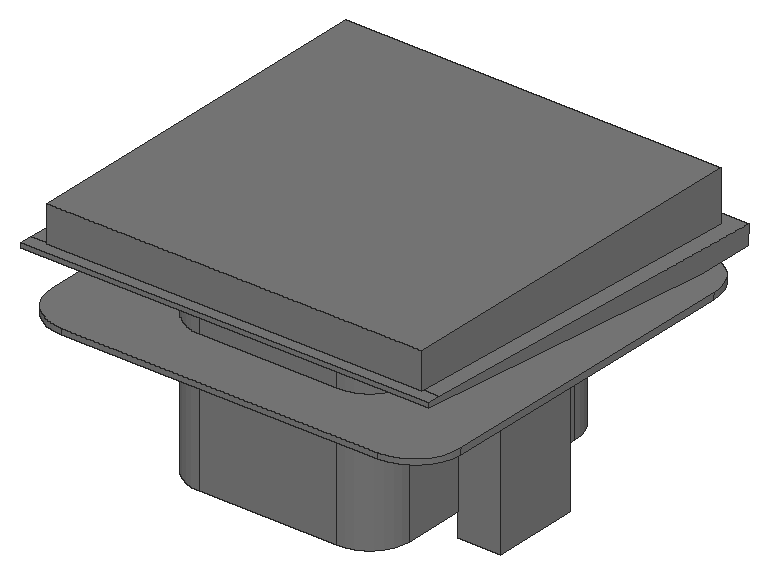
Revit family "Gira_126300", category Electrical Fixtures, host Face, Revit 2017
Family settings
  Host = Face
  Maintain Annotation Orientation = Yes
  Round Connector Dimension = Use Diameter
  Part Type = Normal
  Cut with Voids When Loaded = No
  Shared = No
  Room Calculation Point = No
Parameters (values of type "Ruftaster 3f Türstation Gira TX_44 (WG UP)")
  Werkstoff = "sonstige"
  URL = "http://katalog.gira.de/de_DE/datenblatt.html?artikelnr=126300"
  Region = "DE"
  Name = "Ruftaster 3f Türstation Gira TX_44 (WG UP)"
  Manufacturer URL = "https://www.gira.de/"
  Keynote = "TX44_Komplettgerät_Schalten und Tasten"
  HeinzeBIM = "https://bimportal.heinze.de/bim/ruftaster-3f-tuerstation-gira-tx-44-wg-up-/32c8642b058f4b37c3389f50844efa6082a1f70a"
  HAN = "126300"
  Geeignet für = "Außenstation"
  GTIN = "4010337263005"
  Default Elevation = 1219.2 mm
  Data sheet (1) = "https://katalog.gira.de/de_DE/download.html?artikelnr=126300"
  Category = "Montagezubehör für Türkommunikation"
  Available = "Yes"
Reference planes
  plane 1 "Center (Front/Back)": y = 0
  plane 2 "Reference Level 0": z = 0
  plane 3 "Center (Left/Right)": x = 0
  plane 4: z = -28.6
Forms (mm)
  Extrusion 1, solid, material "Default", detail levels fine
    sketch origin (0, 0, 0) x (1, 0, 0) y (0, 1, 0)
      loop
        line (-32.604, 32.5) -> (-32.604, -32.5) -> (32.735, -32.5) -> (32.735, 32.5) -> (-32.604, 32.5)
    from 0 to 12.3
  Extrusion 2, solid, material "Default", detail levels fine
    sketch origin (0, 0, 0) x (0, 1, 0) y (0, 0, 1)
      loop
        line (35, 3.483) -> (-32.2, 6) -> (-34.55, 6) -> (-34.536, 5.199) -> (24.886, 0) -> (34.939, 0) -> (35, 3.483)
    from -35.5 to 35.5
  Extrusion 3, void
    sketch origin (0, 0, 0) x (0, 1, 0) y (0, 0, 1)
      loop
        line (42.419, 3.205) -> (-32.2, 6) -> (-42.193, 6) -> (-42.193, -11.826) -> (42.419, -11.826) -> (42.419, 3.205)
    from -64.194 to 61.264
  Extrusion 4, solid, material "Default", detail levels fine
    sketch origin (0, 0, 0) x (1, 0, 0) y (0, 1, 0)
      loop
        arc (35.5, 27.5) -> (33.157, 33.157) -> (27.5, 35.5) r 8
        line (27.5, 35.5) -> (-27.5, 35.5)
        arc (-27.5, 35.5) -> (-33.157, 33.157) -> (-35.5, 27.5) r 8
        line (-35.5, 27.5) -> (-35.5, -27.5)
        arc (-35.5, -27.5) -> (-33.157, -33.157) -> (-27.5, -35.5) r 8
        line (-27.5, -35.5) -> (27.5, -35.5)
        arc (27.5, -35.5) -> (33.157, -33.157) -> (35.5, -27.5) r 8
        line (35.5, -27.5) -> (35.5, 27.5)
    from -4.1 to -5.1
  Extrusion 5, solid, material "Default", detail levels fine
    sketch origin (0, 0, 0) x (1, 0, 0) y (0, 1, 0)
      loop
        arc (-12, 25) -> (-16.95, 22.95) -> (-19, 18) r 7
        line (-19, 18) -> (-19, -18)
        arc (-19, -18) -> (-16.95, -22.95) -> (-12, -25) r 7
        line (-12, -25) -> (12, -25)
        arc (12, -25) -> (16.95, -22.95) -> (19, -18) r 7
        line (19, -18) -> (19, 18)
        arc (19, 18) -> (16.95, 22.95) -> (12, 25) r 7
        line (12, 25) -> (-12, 25)
    from 4.692 to -28.6
  Extrusion 6, solid, material "Default", detail levels fine
    sketch origin (0, 0, 0) x (1, 0, 0) y (0, 1, 0)
      loop
        line (-26.5, -7.5) -> (-19, -7.5) -> (-19, 7.5) -> (-26.5, 7.5) -> (-26.5, -7.5)
    from -5.1 to -32.6
  Extrusion 7, solid, material "Default", detail levels fine
    sketch origin (0, 0, 0) x (-1, 0, 0) y (0, -1, 0)
      loop
        line (-26.5, 7.5) -> (-26.5, -7.5) -> (-19, -7.5) -> (-19, 7.5) -> (-26.5, 7.5)
    from -5.1 to -32.6
  Extrusion 8, solid, material "Default", detail levels medium
    sketch origin (0, 0, 0) x (1, 0, 0) y (0, 1, 0)
      loop
        line (-32.604, 32.5) -> (-32.604, -32.5) -> (32.735, -32.5) -> (32.735, 32.5) -> (-32.604, 32.5)
    from 0 to 12.3
  Extrusion 9, solid, material "Default", detail levels medium
    sketch origin (0, 0, 0) x (0, 1, 0) y (0, 0, 1)
      loop
        line (35, 3.483) -> (-32.2, 6) -> (-34.55, 6) -> (-34.445, 0) -> (34.939, 0) -> (35, 3.483)
    from -35.5 to 35.5
  Extrusion 10, solid, material "Default", detail levels medium
    sketch origin (0, 0, 0) x (1, 0, 0) y (0, 1, 0)
      loop
        line (-26.5, 25) -> (-26.5, -25) -> (26.5, -25) -> (26.5, 25) -> (-26.5, 25)
    from 4.692 to -32.6
  Extrusion 11, solid, material "Default", detail levels medium
    sketch origin (0, 0, 0) x (1, 0, 0) y (0, 1, 0)
      loop
        line (35.5, 35.5) -> (-35.5, 35.5) -> (-35.5, -35.5) -> (35.5, -35.5) -> (35.5, 35.5)
    from -4.1 to -5.1
  Extrusion 12, solid, material "Default", detail levels coarse
    sketch origin (0, 0, 0) x (1, 0, 0) y (0, 1, 0)
      loop
        line (35.5, 35.5) -> (-35.5, 35.5) -> (-35.5, -35.5) -> (35.5, -35.5) -> (35.5, 35.5)
    from -32.6 to 12.3
Cuts and joins
  Extrusion 3 cuts Extrusion 1
  joined: Extrusion 1, Extrusion 2, Extrusion 4, Extrusion 5, Extrusion 6, Extrusion 7
Dimensions and locks
  Extrusion 12 to Extrusion 12 = 44.9 mm
  aligned and locked: plane 2 "Reference Level 0" to host face
  aligned and locked: level to host face
  aligned and locked: plane 3 "Center (Left/Right)" to nested 1
  aligned and locked: plane 1 "Center (Front/Back)" to nested 1
Nested families
  nested 1: "Schalter" at (0, 0, 0), type "Schalter"
Connectors
  electrical at (0, 0, -32.6)
    settings: on Extrusion 12, index 1, voltage 220 V, apparent load 0 VA, apparent load phase1 0 VA, apparent load phase2 0 VA, apparent load phase3 0 VA, power factor 1, load classification "Other", number of poles 1, system type 30, power factor state 1, is connector primary yes, connector utility no, sub classification motor no, connector description ""
Definition of nested family "Schalter"
  Reference planes
    plane 1: y = 0
    plane 2: x = 0
  Lines and regions (mm)
    detail lines
      curve 1: circle (1.375, 2.778, 0) r 0.8 normal (0, 0, 1)
      curve 2: line (1.021, 2.061, 0) -> (0, 0, 0)
      curve 3: line (0, 0, 0) -> (-0.538, 0.266, 0)
  Dimensions and locks
    curve 2 to curve 2 = 2.3 mm
    curve 3 to curve 2 = 0.6 mm
    radius of curve 1 = 0.8 mm
